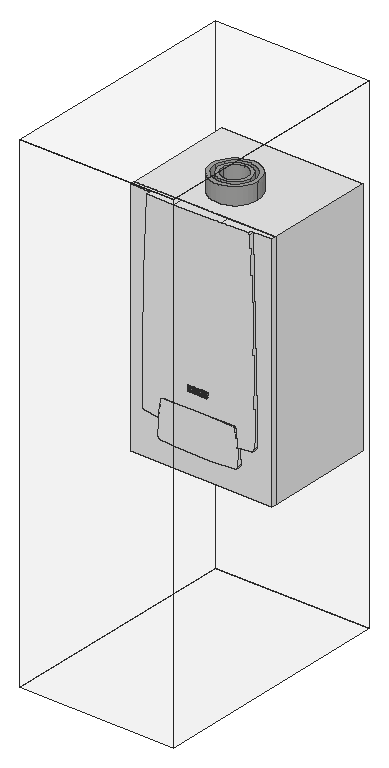
Revit family "Sirius_two_WH_60kW_LOD-5", category Mechanical Equipment, Revit 2014
Parameters (values of type "60kW")
  Weekly = "0"
  Water Treatment Required = yes
  Water Content = 5.0 L
  Warranty ID = "See manufacturers website for warranty options and T&C's"
  Voltage = 230 V
  Uniclass2015 = "Pr_60_60_08"
  URL = ""
  Type = ""
  Turndown Ratio = "9:1"
  Supply Phase = 1
  Starting Current = 0 A
  Sound Pressure Level = "59 dBA"
  Shipping Weight = 50.00 kg
  Shape = "Rectangular (Vertical)"
  Safety Valve Connection Type = "Threaded"
  Safety Valve Connection Size = 12.7 mm
  Responsible Sourcing of Materials = "0"
  Responsible Extraction of Materials = "0"
  Reference Standard = "ISO 9001; ISO 14001"
  Rated Output = 55000 W
  Rated Criteria = "80/60"
  Quarterly = "0"
  Product Range = "Sirius two WH (60kW)"
  Product Model Number = "5138529"
  Product Literature = "http://www.pottertoncommercial.co.uk/products/stainless-steel/sirius-two-wh.htm"
  Primary Fuel = "Gas - NG"
  Overall Width = 450 mm
  Overall Length = 377 mm
  Overall Height = 763 mm
  Optional Fuel = "Gas - LPG"
  Operation and Maintenance Manual = "http://www.pottertoncommercial.co.uk/products/stainless-steel/sirius-two-wh.htm"
  Oil Consumption rate = 0
  Nominal Oil Inlet Pressure = 0.0 bar
  Nominal Gas Inlet Pressure = 0.02 bar
  NOx Emissions = "31 mg/kWh"
  Mounting = "Wall Mounted"
  Monthly = "0"
  Model = "SIRIUS two WH50"  # constant formula
  Minimum Power Consumption = 20 W
  Minimum Operating Pressure = 1.0 bar
  Minimum Oil Inlet Pressure = 0.0 bar
  Minimum Gas Inlet Pressure = 0.018 bar
  Minimum Flow Rate at 20C temperature differential = 0.660 L/s
  Minimum Flow Rate at 11C temperature differential = 0.880 L/s
  Maximum Power Consumption = 95 W
  Maximum Operating Pressure = 4.0 bar
  Maximum Oil Inlet Pressure = 0.0 bar
  Maximum Gas Inlet Pressure = 0.0 bar
  Material Ingredient Reporting = "0"
  Manufacturer Website = "http://www.pottertoncommercial.co.uk/index.htm"
  Manufacturer = "Potterton Commercial"  # constant formula
  Maintenance Required 8001 to 12000hrs = "0"
  Maintenance Required 601 to 1000hrs = "0"
  Maintenance Required 4001 to 8000hrs = "0"
  Maintenance Required 301 to 600hrs = "0"
  Maintenance Required 2001 to 4000hrs = "0"
  Maintenance Required 1001 to 2000hrs = "0"
  Maintenance Required 0 to 300hrs = "0"
  Location of Manufacturer = "0"
  Life Cycle Analysis = "0"
  Interlocks = yes
  IfcExportType = "NOTDEFINED"  # constant formula
  IfcExportAs = "IfcBoilerType"  # constant formula
  IP Rating = "IPX5D"
  IK Rating = "0"
  Hydraulic Resistance at 20C temperature differential = 0.055 bar
  Hydraulic Resistance at 11C temperature differential = 0.092 bar
  Heater Operation = "Condensing"
  Heat Exchanger Material = "Stainless Steel"
  Gross Weight = 40.00 kg
  Green Guide for Specification = "0"
  Gas Consumption rate = "5.98 m3/h"
  Fuse Rating = 0 A
  Full Load Current = 0 A
  Fuel Connection Type = "Threaded"
  Fuel Connection Size = 483.87 mm
  Frequency = 50 Hz
  Flue or Air Intake Classification = "C13; C33; B23"
  Flue Connection size = 80 mm
  Flow and Return Connection Type = "Threaded"
  Flow and Return Connection Size = 645.16 mm
  Finish = "Powder coated"
  Features = "Wall hung boiler, stainless steel heat exchanger, 9:1 modulation, integral pump option"
  External Material = "Steel"
  Expected Life = ">10 years"
  ErP Seasonal Efficiency = "92 %"
  ErP Rated Efficiency at Part Load = "96.8 %"
  ErP Rated Efficiency at Full Load = "87.6 %"
  ErP Energy Label = "A"
  Environmental Product Declaration = "0"
  Energy Technology List = "https://etl.decc.gov.uk/engetl/fox/live/ETL_PUBLIC_PRODUCT_SEARCH/product?PROD_ID=72394"
  Embodied Carbon = "0"
  Drain Connection Type = "Plain"
  Drain Connection Size = 0 mm
  Description = ""
  Daily = "0"
  Control Type = "Optimised, modulating, weather compensating, BMS compatible"
  Configuration = "Single boiler"
  Condensate Drain Type = "Plain"
  Condensate Drain Size = 22 mm
  Colour = "White"
  Clearance Box Visibility [instance] = yes
  CE Mark = "CE-0085CM0128"
  Burner Control Type = "Modulating"
  Building Regulations Seasonal Efficiency = "96.4 %"
  Bespoke Timeframe = "0"
  BMS Links = yes
  Annually = "Annual service according to manufacturers guidance."
  Air Inlet Connection Size = 125 mm
  Additional Technical Details = "http://www.pottertoncommercial.co.uk/products/stainless-steel/sirius-two-wh.htm"
  Access Clearance Top = 300 mm
  Access Clearance Right = 20 mm
  Access Clearance Rear = 0 mm
  Access Clearance Left = 20 mm
  Access Clearance Front = 400 mm
  Access Clearance Bottom = 500 mm
  6 Monthly = "0"
Reference planes
  plane 1 "Center (Front/Back)": y = 0
  plane 2: z = 0
  plane 3 "Center (Left/Right)": x = 0
Forms (mm)
  Extrusion 1, solid, material "Potterton Sirius WH - Cover"
    sketch origin (0, 0, 0) x (1, 0, 0) y (0, 1, 0)
      loop
        line (-225, 0) -> (-225, -347) -> (-217, -347) -> (-217, 0) -> (-225, 0)
      loop
        arc (-225, -362.434) -> (0, -367) -> (225, -362.434) r 5546.295
        line (225, -362.434) -> (225, -349) -> (-225, -349) -> (-225, -362.434)
      loop
        line (225, 0) -> (217, 0) -> (217, -347) -> (225, -347) -> (225, 0)
    from 0 to 763
  Extrusion 2, solid, material "Potterton Sirius WH - Cover"
    sketch origin (0, 0, 0) x (1, 0, 0) y (0, 0, 1)
      loop
        arc (-164.004, 760.224) -> (-174.1, 456.716) -> (-178.52, 153.073) r 16242.047
        arc (-178.52, 153.073) -> (-175.933, 146.303) -> (-169.46, 143.046) r 10.021
        line (-169.46, 143.046) -> (-127.86, 139.413)
        spline (-127.86, 139.413) -> (-127.653, 139.411) -> (-127.447, 139.435) -> (-127.246, 139.485) -> (-127.054, 139.561) -> (-126.872, 139.661) -> (-126.706, 139.783) -> (-126.556, 139.926) -> (-126.426, 140.088) -> (-126.319, 140.264) -> (-126.235, 140.453) -> (-126.176, 140.652) -> (-126.143, 140.856)
        arc (-126.143, 140.856) -> (-123.286, 165.27) -> (-119.321, 189.529) r 539.918
        arc (-119.321, 189.529) -> (-115.708, 195.678) -> (-109, 198.1) r 10.5
        line (-109, 198.1) -> (-74.985, 198.1) -> (74.985, 198.1) -> (109, 198.1)
        arc (109, 198.1) -> (115.708, 195.678) -> (119.321, 189.529) r 10.5
        arc (119.321, 189.529) -> (123.286, 165.27) -> (126.143, 140.856) r 539.862
        spline (126.143, 140.856) -> (126.176, 140.652) -> (126.235, 140.453) -> (126.319, 140.264) -> (126.426, 140.088) -> (126.556, 139.927) -> (126.706, 139.783) -> (126.872, 139.661) -> (127.054, 139.561) -> (127.246, 139.485) -> (127.447, 139.435) -> (127.653, 139.411) -> (127.86, 139.413)
        line (127.86, 139.413) -> (169.46, 143.046)
        arc (169.46, 143.046) -> (175.933, 146.303) -> (178.518, 153.073) r 10.021
        arc (178.518, 153.073) -> (174.091, 456.716) -> (163.987, 760.224) r 16241.927
        arc (163.987, 760.224) -> (163.096, 762.194) -> (161.089, 763) r 2.9
        line (161.089, 763) -> (74.972, 763) -> (-74.972, 763) -> (-161.106, 763)
        arc (-161.106, 763) -> (-163.113, 762.194) -> (-164.004, 760.224) r 2.9
      loop
        line (-74.991, 196.928) -> (-108.993, 196.928)
        arc (-108.993, 196.928) -> (-114.957, 194.775) -> (-118.169, 189.308) r 9.335
        arc (-118.169, 189.308) -> (-125.241, 137.818) -> (-127.327, 85.882) r 539.67
        arc (-127.327, 85.882) -> (-124.809, 79.581) -> (-118.688, 76.655) r 9.327
        arc (-118.688, 76.655) -> (-96.872, 75.188) -> (-75.038, 74.012) r 1643.088
        arc (-75.038, 74.012) -> (0, 72.244) -> (75.038, 74.012) r 1592.844
        arc (75.038, 74.012) -> (96.872, 75.188) -> (118.688, 76.655) r 1643.12
        arc (118.688, 76.655) -> (124.809, 79.581) -> (127.327, 85.881) r 9.327
        arc (127.327, 85.881) -> (125.241, 137.813) -> (118.17, 189.302) r 539.705
        arc (118.17, 189.302) -> (114.959, 194.773) -> (109, 196.928) r 9.334
        line (109, 196.928) -> (74.991, 196.928) -> (-74.991, 196.928)
    from 349 to 377
  Extrusion 3, void
    sketch origin (0, 0, 0) x (1, 0, 0) y (0, 1, 0)
      loop
        line (-225.947, -372.4) -> (-225.947, -390.747) -> (225.947, -390.747) -> (225.947, -372.4)
        arc (225.947, -372.4) -> (0, -377) -> (-225.947, -372.4) r 5551.295
    from 0 to 763
  Extrusion 4, solid, material "Potterton Sirius FS - Logo"
    sketch origin (-369.668, -376.852, 160.982) x (1, 0, 0) y (0, 0, 1)
      loop
        arc (342.971, 100.811) -> (344.366, 99.416) -> (342.971, 98.02) r 1.395
        line (342.971, 98.02) -> (339.501, 98.02) -> (339.501, 93.964) -> (341.208, 93.964) -> (341.208, 96.293) -> (342.971, 96.293)
        arc (342.971, 96.293) -> (344.738, 96.848) -> (345.87, 98.315) r 3.088
        arc (345.87, 98.315) -> (351.536, 94.006) -> (353.627, 100.811) r 4.341
        line (353.627, 100.811) -> (355.933, 100.811) -> (355.933, 93.964) -> (357.701, 93.964) -> (357.701, 100.811) -> (361.06, 100.811) -> (361.06, 93.964) -> (362.813, 93.964) -> (362.813, 100.811) -> (366.054, 100.811) -> (366.054, 93.964) -> (372.032, 93.964) -> (372.032, 95.63) -> (367.807, 95.63) -> (367.807, 97.433) -> (371.262, 97.433)
        arc (371.262, 97.433) -> (372.08, 98.251) -> (371.262, 99.069) r 0.818
        line (371.262, 99.069) -> (367.807, 99.069) -> (367.807, 100.811) -> (375.58, 100.811)
        arc (375.58, 100.811) -> (376.451, 99.94) -> (375.58, 99.069) r 0.871
        line (375.58, 99.069) -> (373.302, 99.069)
        arc (373.302, 99.069) -> (372.52, 98.49) -> (372.845, 97.573) r 0.818
        line (372.845, 97.573) -> (381.32, 91.867)
        arc (381.32, 91.867) -> (382.144, 91.832) -> (382.566, 92.541) r 0.805
        line (382.566, 92.541) -> (382.566, 100.811) -> (385.072, 100.811)
        arc (385.072, 100.811) -> (386.619, 94.222) -> (392.72, 97.151) r 4.341
        line (392.72, 97.151) -> (392.72, 93.964) -> (394.487, 93.964) -> (394.487, 99.069) -> (398.739, 94.236)
        arc (398.739, 94.236) -> (399.755, 93.983) -> (400.351, 94.844) r 0.921
        line (400.351, 94.844) -> (400.351, 101.682)
        arc (400.351, 101.682) -> (399.452, 102.581) -> (398.554, 101.682) r 0.899
        line (398.554, 101.682) -> (398.554, 97.165) -> (394.162, 102.301)
        arc (394.162, 102.301) -> (393.255, 102.537) -> (392.72, 101.768) r 0.819
        line (392.72, 101.768) -> (392.72, 99.124)
        arc (392.72, 99.124) -> (391.302, 101.447) -> (388.78, 102.469) r 4.341
        line (388.78, 102.469) -> (379.034, 102.469)
        arc (379.034, 102.469) -> (378.205, 101.64) -> (379.034, 100.811) r 0.829
        line (379.034, 100.811) -> (380.772, 100.811) -> (380.772, 94.179) -> (375.58, 97.707)
        arc (375.58, 97.707) -> (377.961, 100.088) -> (375.58, 102.469) r 2.381
        line (375.58, 102.469) -> (353.905, 102.469)
        arc (353.905, 102.469) -> (353.223, 102.111) -> (353.129, 101.347) r 0.829
        arc (353.129, 101.347) -> (349.064, 102.325) -> (346.059, 99.418) r 4.341
        arc (346.059, 99.418) -> (345.142, 101.577) -> (342.971, 102.469) r 3.088
        line (342.971, 102.469) -> (339.417, 102.469)
        arc (339.417, 102.469) -> (338.587, 101.64) -> (339.417, 100.811) r 0.829
        line (339.417, 100.811) -> (342.971, 100.811)
      loop
        line (384.051, 92.773) -> (384.051, 91.973) -> (400.157, 91.973) -> (400.157, 92.773) -> (384.051, 92.773)
      loop
        line (339.501, 92.773) -> (339.501, 91.973) -> (378.488, 91.973) -> (378.488, 92.773) -> (339.501, 92.773)
      loop
        arc (340.058, 88.937) -> (338.522, 87.401) -> (340.058, 85.864) r 1.537
        line (340.058, 85.864) -> (399.258, 85.864)
        arc (399.258, 85.864) -> (400.795, 87.401) -> (399.258, 88.937) r 1.537
        line (399.258, 88.937) -> (340.058, 88.937)
      loop
        circle (350.207, 98.138) r 2.591
      loop
        circle (342.971, 99.416) r 0.875
      loop
        circle (388.493, 98.138) r 2.591
    from 0 to 1
  Sweep 5, solid
    path origin (0, 0, -3) x (1, 0, 0) y (0, 0, 1)
      loop
        line (0, 766) -> (0, 819)
    profile origin (0, 0, 789.5) x (-1, 0, 0) y (0, -1, 0)
      loop
        circle (0, 229) r 73.5
      loop
        circle (0, 229) r 62.5
      loop
        circle (0, 229) r 40
      loop
        circle (0, 229) r 50
  Extrusion 6, solid, material "Potterton Sirius WH - Cover"
    sketch origin (0, 0, 0) x (1, 0, 0) y (0, 1, 0)
      loop
        line (-217, 0) -> (-217, -347) -> (217, -347) -> (217, 0) -> (-217, 0)
    from 55 to 763
  Sweep 7, solid
    path origin (0, 0, 0) x (1, 0, 0) y (0, 0, 1)
      loop
        line (0, 55) -> (0, 7)
    profile origin (0, 0, 31) x (0, -1, 0) y (1, 0, 0)
      loop
        circle (95, 102) r 12.7
      loop
        circle (95, 2) r 12.7
      loop
        circle (95, -98) r 9.525
      loop
        circle (67, -177) r 11
  Extrusion 8, solid, material "Glass - Clear - Amber", visible <- "Clearance Box Visibility"
    sketch origin (0, 0, 0) x (1, 0, 0) y (0, 1, 0)
      loop
        line (-245, 0) -> (-245, -777) -> (245, -777) -> (245, 0) -> (-245, 0)
    from -500 to 1063
Cuts and joins
  Extrusion 3 cuts Extrusion 2
  joined: Extrusion 1, Extrusion 2, Extrusion 6
Dimensions and locks
  locked: Sweep 5 sketch curve to profile plane at 229
  locked: Sweep 7 sketch curve to cut or joined group of Extrusion 1, Extrusion 2, Extrusion 3, Extrusion 6 at 123
  locked: Sweep 7 sketch curve to plane 1 "Center (Front/Back)" at 95
  locked: Sweep 7 sketch curve to Sweep 7 sketch curve at 100  (x2)
  locked: Sweep 7 sketch curve to plane 1 "Center (Front/Back)" at 67
  locked: cut or joined group of Extrusion 1, Extrusion 2, Extrusion 3, Extrusion 6 to Sweep 7 sketch curve at 48
  aligned and locked: level to plane 2
  aligned and locked: plane 1 "Center (Front/Back)" to Extrusion 1 sketch curve
  aligned and locked: Extrusion 1 to level
  aligned and locked: Extrusion 3 to level
  aligned and locked: profile plane to Sweep 5 sketch curve
  aligned and locked: Sweep 7 sketch curve to plane 3 "Center (Left/Right)"
  aligned and locked: plane 1 "Center (Front/Back)" to Extrusion 8 sketch curve
Connectors
  piping at (2, -95, 7), diameter 25.4
    settings: on Sweep 7, index 1, connector inside diameter 609.6 mm, connector length 0 mm, flow factor 0, pipe flow 0.000 L/s, pressure drop 0.0 bar, fitting loss kfactor 0, connector angle 0.00°, fixture units 0, engagement length 0 mm, angle of deflection 0.00°, flow configuration 1, flow direction 2, fitting loss method 0, system type 7, joint type 0, gender type 0, connector reference index -1, connector utility 0, adjustable connector no, is connector primary yes, connector description "Supply"
  piping at (102, -95, 7), diameter 25.4
    settings: on Sweep 7, index 2, connector inside diameter 609.6 mm, connector length 0 mm, flow factor 0, pipe flow 0.000 L/s, pressure drop 0.0 bar, fitting loss kfactor 0, connector angle 0.00°, fixture units 0, engagement length 0 mm, angle of deflection 0.00°, flow configuration 0, flow direction 1, fitting loss method 0, system type 8, joint type 0, gender type 0, connector reference index -1, connector utility 0, adjustable connector no, is connector primary no, connector description "Return"
  piping at (-98, -95, 7), diameter 19.1
    settings: on Sweep 7, index 3, connector inside diameter 609.6 mm, connector length 0 mm, flow factor 0, pipe flow 0.000 L/s, pressure drop 0.0 bar, fitting loss kfactor 0, connector angle 0.00°, fixture units 0, engagement length 0 mm, angle of deflection 0.00°, flow configuration 1, flow direction 1, fitting loss method 0, system type 22, joint type 0, gender type 0, connector reference index -1, connector utility 0, adjustable connector no, is connector primary no, connector description "Gas"
  piping at (-177, -67, 7), diameter 22
    settings: on Sweep 7, index 4, connector inside diameter 609.6 mm, connector length 0 mm, flow factor 0, pipe flow 0.000 L/s, pressure drop 0.0 bar, fitting loss kfactor 0, connector angle 0.00°, fixture units 0, engagement length 0 mm, angle of deflection 0.00°, flow configuration 1, flow direction 2, fitting loss method 0, system type 22, joint type 0, gender type 0, connector reference index -1, connector utility 0, adjustable connector no, is connector primary no, connector description "Drain"
  hvac at (0, -229, 816)
    settings: on Sweep 5, index 6, duct flow 0.0 m³/h, flow factor 0, pres drop 0.0 bar, loss coef 0, conn angle 0.00°, conn width 304.8 mm, conn height 304.8 mm, conn diameter 125 mm, duct sys type 3, conn prof type 0, flow config 1, flow direction 2, loss method 0, conn ref index -1, conn util no, is conn primary yes, conn desc "Flue"
